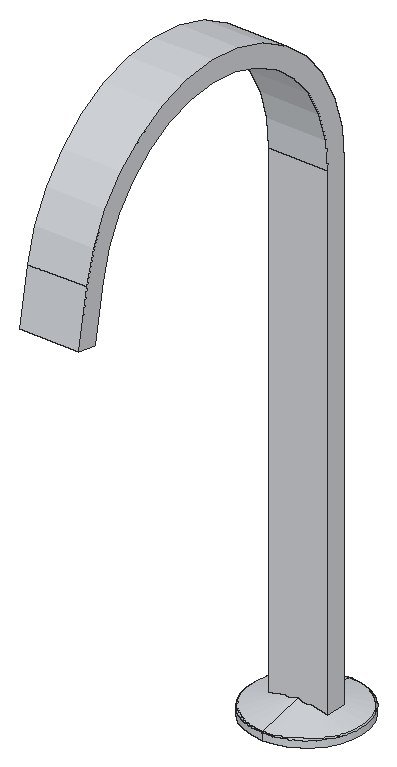
Revit family "Faucet-Lavatory-KOHLER-Components-K-77966", category Plumbing Fixtures, host Face, Revit 2015
Parameters (values of type "CP-Polished Chrome")
  Width = 2 3/8"  # constant formula
  Waste Water Outlet = "Waste Water Outlet"  # constant formula
  Waste Connection = no
  Vent Connection = no
  URL = "https://www.us.kohler.com/us/"
  Type = 1
  Spout Reach = 6 11/16"  # constant formula
  Product Page URL = "http://www.us.kohler.com/us/catalog/productDetails.jsp?productNumber=77966"
  Product Name = "Components"  # constant formula
  Product Documentation Link = "http://www.us.kohler.com/onlinecatalog/pdf/K-77966_spec.pdf"
  Pressure = 60.00 psi  # constant formula
  Model = if(Type = 1, "K-77966-CP", if(Type = 2, "K-77966-BL", "NA"))  # "K-77966-CP"
  Material = "Premium Metal Construction"  # constant formula
  MasterFormat 2004 = "22.41.39"  # constant formula
  MasterFormat 1995 = "15410"  # constant formula
  Manufacturer Address = "444 Highland Dr, Kohler, WI 53044"  # constant formula
  Manufacturer = "KOHLER Co."  # constant formula
  Length = Spout Reach  # 6 11/16"
  Hot Water Inlet = "Hot Water Inlet"  # constant formula
  Height = 14 1/8"  # constant formula
  Handle Clearance = 0"
  HW Connection = no
  Flow Rate = 1.2 GPM  # constant formula
  Finish = Kohler-Metal-CP-Polished_Chrome
  Faucet Hole Spacing = 0"
  Environmental Product Declaration = ""
  Drain Included = 1 = 1  # yes
  Description = "Widespread Bathroom Tall Sink Spout"  # constant formula
  Default Elevation = 36"
  Declare Label = ""
  Date Modified = "08/23/2018"  # constant formula
  Date Created = "07/04/2018"  # constant formula
  Copyright = "Copyright KOHLER Co."  # constant formula
  Contact Us = "https://www.us.kohler.com/us/static/contact.jsp"
  Cold Water Inlet = "Cold Water Inlet"  # constant formula
  CW Connection = no
  Assembly Code = "D2010"
  ADA Compliant = 1 = 0  # no
Types (3): name | Type | Model | Finish
  (no name) | 1 | "K-77966-CP" | Kohler-Metal-CP-Polished_Chrome
  CP-Polished Chrome | 1 | "K-77966-CP" | Kohler-Metal-CP-Polished_Chrome
  BL-Matte_Black | 2 | "K-77966-BL" | Kohler-Metal-BL-Matte_Black
Reference planes (in)
  plane 1 "Center (Front/Back)": y = 0
  plane 2: z = 0
  plane 3 "Center (Left/Right)": x = 0
  plane 4: x = -1.1875
  plane 5: x = 1.1875
  plane 6: y = -6.6875
  plane 7: z = 14.125
Dimensions and locks (in)
  equal spacing: plane 4, plane 3 "Center (Left/Right)", plane 5
  "Width": plane 4 to plane 5
  "Length": plane 6 to plane 1 "Center (Front/Back)"  (x2)
  "Height": plane 7 to plane 2
  aligned and locked: plane 2 to host face
  aligned and locked: level to host face
Automatic sketch dimensions
  host sketch curve to host sketch curve = 96"  (x2)
Nested families (in)
  nested 1: "K-77966" at (0, 0, 0), type "K-77966"
Definition of nested family "K-77966"
  Parameters (values of type "K-77966")
    Material = none
  Reference planes (in)
    plane 1 "Center (Front/Back)": y = 0
    plane 2: z = 0
    plane 3 "Center (Left/Right)": x = 0
  Forms (in)
    Sweep 1, solid, material <- "Material"
      path origin (0, 0, 0) x (0, 1, 0) y (0, 0, 1)
        loop
          line (0, 0.2855) -> (0, 10.68893)
          arc (0, 10.68893) -> (-2.96413, 13.92372) -> (-6.44495, 11.2528) r 3.24714
          line (-6.44495, 11.2528) -> (-6.64726, 10.10546)
      profile origin (0, 0, 0.2855) x (0, -1, 0) y (1, 0, 0)
        loop
          line (0.21654, 0.625) -> (-0.21654, 0.625) -> (-0.21654, -0.625) -> (0.21654, -0.625) -> (0.21654, 0.625)
    Revolve 2, solid, material <- "Material", detail levels medium+fine
      sketch origin (0, 0, 0) x (0, 1, 0) y (0, 0, 1)
        loop
          line (0, 0) -> (1.18111, 0) -> (1.18111, 0.13926)
          arc (1.18111, 0.13926) -> (1.17614, 0.15359) -> (1.16338, 0.16177) r 0.02316
          line (1.16338, 0.16177) -> (0, 0.4424) -> (0, 0)
        axis (0, 0.4424) -> (0, 0)
      angle from 0 to 360
    Extrusion 3, solid, material <- "Material", detail levels coarse
      sketch origin (0, 0, 0) x (1, 0, 0) y (0, 1, 0)
        loop
          circle (0, 0) r 1.1811
      from 0 to 0.32403
    Extrusion 4, void
      sketch origin (0, 0, 0) x (1, 0, 0) y (0, 1, 0)
        loop
          line (0.625, -0.21654) -> (0.625, 0.21654) -> (-0.625, 0.21654) -> (-0.625, -0.21654) -> (0.625, -0.21654)
      from 0.27167 to 0.67852
  Cuts and joins
    Extrusion 4 cuts Revolve 2
  Lines and regions (in)
    Masking region 1
      outline origin (0, 0, 0) x (0, 1, 0) y (0, 0, 1)
        loop
          line (1.18111, 0) -> (1.18111, 0.13933)
          arc (1.18111, 0.13933) -> (1.17617, 0.1536) -> (1.16346, 0.16175) r 0.02306
          line (1.16346, 0.16175) -> (0.21654, 0.39061) -> (0.21654, 10.66132)
          arc (0.21654, 10.66132) -> (-2.94526, 14.11182) -> (-6.6582, 11.26279) r 3.46368
          line (-6.6582, 11.26279) -> (-6.86051, 10.11545) -> (-6.43401, 10.04025) -> (-6.23171, 11.18759)
          arc (-6.23171, 11.18759) -> (-2.98301, 13.6804) -> (-0.21654, 10.66132) r 3.03061
          line (-0.21654, 10.66132) -> (-0.21654, 0.39061) -> (-1.16346, 0.16175)
          arc (-1.16346, 0.16175) -> (-1.17617, 0.1536) -> (-1.18111, 0.13933) r 0.02306
          line (-1.18111, 0.13933) -> (-1.18111, 0) -> (1.18111, 0)
    Masking region 2
      outline origin (0, 0, 0) x (1, 0, 0) y (0, 0, 1)
        loop
          line (-1.1875, 0) -> (1.1875, 0) -> (1.1875, 0.13933)
          arc (1.1875, 0.13933) -> (1.18256, 0.1536) -> (1.16986, 0.16175) r 0.02306
          line (1.16986, 0.16175) -> (0.625, 0.29343) -> (0.625, 14.125) -> (-0.625, 14.125) -> (-0.625, 0.29343) -> (-1.16986, 0.16175)
          arc (-1.16986, 0.16175) -> (-1.18256, 0.1536) -> (-1.1875, 0.13933) r 0.02306
          line (-1.1875, 0.13933) -> (-1.1875, 0)
    Masking region 3
      outline origin (0, 0, 0) x (1, 0, 0) y (0, 1, 0)
        loop
          arc (0.625, -1.00218) -> (0, 1.19504) -> (-0.625, -1.00218) r 1.1875
          line (-0.625, -1.00218) -> (-0.625, -6.86051) -> (0.625, -6.86051) -> (0.625, -1.00218)
    symbolic lines, detail levels medium+fine
      curve 1: line (0.625, 0, 10.14306) -> (-0.625, 0, 10.14306)
      curve 2: line (-0.625, 0, 10.06786) -> (0.625, 0, 10.06786)
      curve 3: arc (0, 0, 0.39921) -> (-0.31488, 0, 0.35941) -> (-0.625, 0, 0.29189) r 3.58181
      curve 4: arc (0.625, 0, 0.29189) -> (0.31488, 0, 0.35941) -> (0, 0, 0.39921) r 3.58181
      curve 5: line (0, -0.21654, 0.39061) -> (0, -0.21654, 0.27167)
      curve 6: line (0, -0.21654, 0.27167) -> (0, 0.21654, 0.27167)
      curve 7: line (0, 0.21654, 0.27167) -> (0, 0.21654, 0.39061)
      curve 8: line (-0.625, 0.21654, 0) -> (0.625, 0.21654, 0)
      curve 9: line (0.625, -1.00218, 0) -> (0.625, 0.21654, 0)
      curve 10: line (-0.625, 0.21654, 0) -> (-0.625, -1.00218, 0)
      curve 11: line (-1.1875, 0, 0.13933) -> (1.1875, 0, 0.13933)
      curve 12: line (0, 1.18111, 0.13933) -> (0, -1.18111, 0.13933)
  Dimensions and locks (in)
    aligned and locked: plane 2 to level
